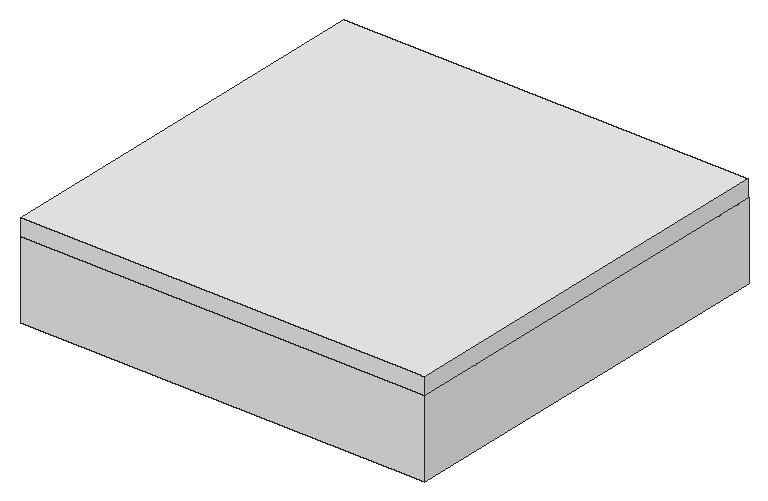
Revit family
Parameters (values of type "600 x 600mm (2 Lamps)")
  Wattage = 16.1571 W
  built-in parameter 1150110 = 1 (stored number, unit not read)
  built-in parameter 1114217 = 1 (stored number, unit not read)
  built-in parameter 1150109 = 1 (stored number, unit not read)
  built-in parameter 1150134 = 3
  built-in parameter 1150113 = 1 (stored number, unit not read)
  built-in parameter 1150105 = 190.99 (stored number, unit not read)
  built-in parameter 1150115 = 1 (stored number, unit not read)
  Light Source Symbol Size = 609.6 mm
  built-in parameter 1150137 = (empty or 0)
  built-in parameter 1150139 = (empty or 0)
  built-in parameter 1150112 = 1 (stored number, unit not read)
  built-in parameter 1150114 = 1 (stored number, unit not read)
  Keynote = "V"
  Material Diffuser = Metal - Chrome
  Lamp = "T-12"
  Material Light Box = Metal - Chrome
  Lumens = 2400 lm
  Wattage Comments = "(2)20"
  built-in parameter 1150132 = 2
  built-in parameter 1150102 = (empty or 0)
  built-in parameter 1150107 = 3200 (stored number, unit not read)
  built-in parameter 1150138 = (empty or 0)
  built-in parameter 1150106 = 1.9099 (stored number, unit not read)
  Emit from Line Length = 549.2 mm
  built-in parameter 1150104 = 13.8 (stored number, unit not read)
  Dimming Lamp Color Temperature Shift = (empty or 0)
  Color Filter = 16777215
  built-in parameter 1114218 = 1 (stored number, unit not read)
  built-in parameter 1150133 = 10 (stored number, unit not read)
Types (3, lengths in mm): name | Wattage Comments
  (no name) | "(2)20"
  600 x 600mm (2 Lamps) | "(2)20"
  600 x 600mm (4 Lamps) | "(4)20"
Reference planes
  plane 1 "Light Source Axis": y = -54.666
  plane 2 "Ceiling": z = 2438.4
  plane 3 "Light Source Axis": x = -23.504
  plane 4 "Light Source Elevation": z = 2413
  plane 5: x = -323.504
  plane 6: x = 276.496
  plane 7: y = 245.334
  plane 8: y = -354.666
  plane 9: y = 32.609
  plane 10: y = -151.541
  plane 11: y = 216.759
  plane 12: y = -335.691
  plane 13: x = -294.929
  plane 14: x = 257.521
  plane 15: x = -110.779
  plane 16: x = 73.371
  plane 17: y = 32.609
  plane 18: y = -151.541
  plane 19: y = 216.759
  plane 20: y = -335.691
  plane 21: x = -294.929
  plane 22: x = 257.521
  plane 23: x = -110.779
  plane 24: x = 73.371
Forms (mm)
  Extrusion 1, solid, material "Metal - Chrome" <- "Material Light Box"
    sketch origin (0, 0, 2438.4) x (1, 0, 0) y (0, 1, 0)
      loop
        line (-323.504, 245.334) -> (-323.504, -354.666) -> (276.496, -354.666) -> (276.496, 245.334) -> (-323.504, 245.334)
      loop
        line (-298.104, 219.934) -> (-298.104, -329.266) -> (251.096, -329.266) -> (251.096, 219.934) -> (-298.104, 219.934)
    from 0 to 114.3
  Extrusion 2, solid, material "Metal - Chrome" <- "Material Light Box"
    sketch origin (0, 0, 2438.4) x (1, 0, 0) y (0, 1, 0)
      loop
        line (-323.504, 245.334) -> (-323.504, -354.666) -> (276.496, -354.666) -> (276.496, 245.334) -> (-323.504, 245.334)
    from 114.3 to 139.7
  Extrusion 3, solid, material "Metal - Chrome" <- "Material Diffuser"
    sketch origin (0, 0, 2438.4) x (1, 0, 0) y (0, 1, 0)
      loop
        line (-298.104, 219.934) -> (-298.104, -338.866) -> (260.696, -338.866) -> (260.696, 219.934) -> (-298.104, 219.934)
      loop
        line (-291.754, 35.784) -> (-113.954, 35.784) -> (-113.954, 213.584) -> (-291.754, 213.584) -> (-291.754, 35.784)
      loop
        line (-291.754, -148.366) -> (-113.954, -148.366) -> (-113.954, 29.434) -> (-291.754, 29.434) -> (-291.754, -148.366)
      loop
        line (-291.754, -154.716) -> (-291.754, -332.516) -> (-113.954, -332.516) -> (-113.954, -154.716) -> (-291.754, -154.716)
      loop
        line (-107.604, 35.784) -> (70.196, 35.784) -> (70.196, 213.584) -> (-107.604, 213.584) -> (-107.604, 35.784)
      loop
        line (-107.604, -148.366) -> (70.196, -148.366) -> (70.196, 29.434) -> (-107.604, 29.434) -> (-107.604, -148.366)
      loop
        line (-107.604, -154.716) -> (-107.604, -332.516) -> (70.196, -332.516) -> (70.196, -154.716) -> (-107.604, -154.716)
      loop
        line (76.546, 35.784) -> (254.346, 35.784) -> (254.346, 213.584) -> (76.546, 213.584) -> (76.546, 35.784)
      loop
        line (76.546, -148.366) -> (254.346, -148.366) -> (254.346, 29.434) -> (76.546, 29.434) -> (76.546, -148.366)
      loop
        line (76.546, -154.716) -> (76.546, -332.516) -> (254.346, -332.516) -> (254.346, -154.716) -> (76.546, -154.716)
    from 3.175 to 50.8
  Extrusion 4, solid, material "Glass - White, High Luminance"
    sketch origin (0, 0, 2438.4) x (1, 0, 0) y (0, 1, 0)
      loop
        line (-298.104, 219.934) -> (-298.104, -329.266) -> (251.096, -329.266) -> (251.096, 219.934) -> (-298.104, 219.934)
    from 76.2 to 82.55
  Extrusion 5, solid
    sketch origin (0, 0, 2438.4) x (1, 0, 0) y (0, 1, 0)
      loop
        line (-298.104, 219.934) -> (-298.104, -338.866) -> (260.696, -338.866) -> (260.696, 219.934) -> (-298.104, 219.934)
      loop
        line (-291.754, 35.784) -> (-113.954, 35.784) -> (-113.954, 213.584) -> (-291.754, 213.584) -> (-291.754, 35.784)
      loop
        line (-291.754, -148.366) -> (-113.954, -148.366) -> (-113.954, 29.434) -> (-291.754, 29.434) -> (-291.754, -148.366)
      loop
        line (-291.754, -154.716) -> (-291.754, -332.516) -> (-113.954, -332.516) -> (-113.954, -154.716) -> (-291.754, -154.716)
      loop
        line (-107.604, 35.784) -> (70.196, 35.784) -> (70.196, 213.584) -> (-107.604, 213.584) -> (-107.604, 35.784)
      loop
        line (-107.604, -148.366) -> (70.196, -148.366) -> (70.196, 29.434) -> (-107.604, 29.434) -> (-107.604, -148.366)
      loop
        line (-107.604, -154.716) -> (-107.604, -332.516) -> (70.196, -332.516) -> (70.196, -154.716) -> (-107.604, -154.716)
      loop
        line (76.546, 35.784) -> (254.346, 35.784) -> (254.346, 213.584) -> (76.546, 213.584) -> (76.546, 35.784)
      loop
        line (76.546, -148.366) -> (254.346, -148.366) -> (254.346, 29.434) -> (76.546, 29.434) -> (76.546, -148.366)
      loop
        line (76.546, -154.716) -> (76.546, -332.516) -> (254.346, -332.516) -> (254.346, -154.716) -> (76.546, -154.716)
    from 0 to 3.175
Lines and regions (mm)
  Opening 1
    outline origin (0, 0, 2438.4) x (1, 0, 0) y (0, 1, 0)
      loop
        line (-323.504, 245.334) -> (-323.504, -354.666) -> (276.496, -354.666) -> (276.496, 245.334) -> (-323.504, 245.334)
  sketch lines
    curve 1: line (-1547.504, 1469.334, 0) -> (1500.496, 1469.334, 0)
    curve 2: line (-1547.504, 1469.334, 0) -> (-1547.504, -1578.666, 0)
    curve 3: line (-1547.504, -1578.666, 0) -> (1500.496, -1578.666, 0)
    curve 4: line (1500.496, 1469.334, 0) -> (1500.496, -1578.666, 0)
  model lines
    curve 5: arc (159.376, -54.666, 2438.4) -> (-23.504, 128.214, 2438.4) -> (-206.384, -54.666, 2438.4) r 182.88
    curve 6: arc (-206.384, -54.666, 2438.4) -> (-23.504, -237.546, 2438.4) -> (159.376, -54.666, 2438.4) r 182.88
    curve 7: line (-298.104, -329.266, 2438.4) -> (-152.819, -183.982, 2438.4)
    curve 8: line (-152.819, 74.65, 2438.4) -> (-298.104, 219.934, 2438.4)
    curve 9: line (251.096, 219.934, 2438.4) -> (105.812, 74.65, 2438.4)
    curve 10: line (105.812, -183.982, 2438.4) -> (251.096, -329.266, 2438.4)
    curve 11: line (-298.104, 219.934, 2438.4) -> (251.096, 219.934, 2438.4)
    curve 12: line (-298.104, -329.266, 2438.4) -> (-298.104, 219.934, 2438.4)
    curve 13: line (251.096, -329.266, 2438.4) -> (-298.104, -329.266, 2438.4)
    curve 14: line (251.096, 219.934, 2438.4) -> (251.096, -329.266, 2438.4)
Dimensions and locks
  equal spacing: curve 2, plane 3 "Light Source Axis", curve 4
  equal spacing: curve 3, plane 1 "Light Source Axis", curve 1
  curve 2 to curve 4 = 3048 mm
  curve 3 to curve 1 = 3048 mm
  equal spacing: plane 5, plane 3 "Light Source Axis", plane 6
  equal spacing: plane 8, plane 1 "Light Source Axis", plane 7
  plane 5 to plane 6 = 600 mm
  plane 8 to plane 7 = 600 mm
  locked: Extrusion 1 sketch curve to Extrusion 1 sketch curve at 25.4
  equal spacing: plane 11, plane 9, plane 10, plane 12
  locked: curve 6 to curve 6 at 365.76
  equal spacing: plane 19, plane 17, plane 18, plane 20
  aligned and locked: curve 9 to curve 7
  aligned and locked: curve 8 to curve 10
  aligned and locked: plane 3 "Light Source Axis" to imposter light
  aligned and locked: plane 1 "Light Source Axis" to imposter light
  aligned and locked: plane 4 "Light Source Elevation" to imposter light
Automatic sketch dimensions
  Opening 1 sketch curve to plane 5 = 0 mm
  Opening 1 sketch curve to plane 6 = 0 mm
  Opening 1 sketch curve to plane 8 = 0 mm
  Opening 1 sketch curve to plane 7 = 0 mm
  Extrusion 1 sketch curve to plane 5 = 0 mm
  Extrusion 1 sketch curve to plane 6 = 0 mm
  Extrusion 1 sketch curve to plane 8 = 0 mm
  Extrusion 1 sketch curve to plane 7 = 0 mm
  Extrusion 1 sketch curve to plane 5 = 25.4 mm
  plane 6 to Extrusion 1 sketch curve = 25.4 mm
  Extrusion 1 sketch curve to plane 8 = 25.4 mm
  Extrusion 2 sketch curve to plane 5 = 0 mm
  Extrusion 2 sketch curve to plane 6 = 0 mm
  Extrusion 2 sketch curve to plane 8 = 0 mm
  Extrusion 2 sketch curve to plane 7 = 0 mm
  Extrusion 4 sketch curve to plane 5 = 25.4 mm
  plane 6 to Extrusion 4 sketch curve = 25.4 mm
  Extrusion 4 sketch curve to plane 8 = 25.4 mm
  plane 7 to Extrusion 4 sketch curve = 25.4 mm
  plane 13 to Extrusion 3 sketch curve = 3.175 mm
  Extrusion 3 sketch curve to plane 13 = 3.175 mm  (x3)
  plane 15 to Extrusion 3 sketch curve = 3.175 mm  (x3)
  Extrusion 3 sketch curve to plane 15 = 3.175 mm  (x3)
  plane 16 to Extrusion 3 sketch curve = 3.175 mm  (x3)
  Extrusion 3 sketch curve to plane 16 = 3.175 mm  (x3)
  plane 14 to Extrusion 3 sketch curve = 3.175 mm  (x3)
  Extrusion 3 sketch curve to plane 14 = 3.175 mm
  Extrusion 3 sketch curve to plane 12 = 3.175 mm
  plane 12 to Extrusion 3 sketch curve = 3.175 mm  (x3)
  plane 10 to Extrusion 3 sketch curve = 3.175 mm  (x3)
  Extrusion 3 sketch curve to plane 10 = 3.175 mm  (x3)
  plane 9 to Extrusion 3 sketch curve = 3.175 mm  (x3)
  Extrusion 3 sketch curve to plane 9 = 3.175 mm  (x3)
  Extrusion 3 sketch curve to plane 11 = 3.175 mm  (x3)
  plane 11 to Extrusion 3 sketch curve = 3.175 mm
  plane 21 to Extrusion 5 sketch curve = 3.175 mm
  Extrusion 5 sketch curve to plane 21 = 3.175 mm  (x3)
  plane 23 to Extrusion 5 sketch curve = 3.175 mm  (x3)
  Extrusion 5 sketch curve to plane 23 = 3.175 mm  (x3)
  plane 24 to Extrusion 5 sketch curve = 3.175 mm  (x3)
  Extrusion 5 sketch curve to plane 24 = 3.175 mm  (x3)
  plane 22 to Extrusion 5 sketch curve = 3.175 mm  (x3)
  Extrusion 5 sketch curve to plane 22 = 3.175 mm
  Extrusion 5 sketch curve to plane 20 = 3.175 mm
  plane 20 to Extrusion 5 sketch curve = 3.175 mm  (x3)
  plane 18 to Extrusion 5 sketch curve = 3.175 mm  (x3)
  Extrusion 5 sketch curve to plane 18 = 3.175 mm  (x3)
  plane 17 to Extrusion 5 sketch curve = 3.175 mm  (x3)
  Extrusion 5 sketch curve to plane 17 = 3.175 mm  (x3)
  Extrusion 5 sketch curve to plane 19 = 3.175 mm  (x3)
  plane 19 to Extrusion 5 sketch curve = 3.175 mm
  curve 6 to plane 1 "Light Source Axis" = 0 mm
  curve 6 to plane 3 "Light Source Axis" = 0 mm
  curve 12 to plane 5 = 25.4 mm
  curve 8 to curve 11 = 0 mm
  curve 7 to curve 12 = 0 mm
  plane 1 "Light Source Axis" to curve 7 = 129.316 mm
  curve 8 to plane 1 "Light Source Axis" = 129.316 mm
  plane 1 "Light Source Axis" to curve 10 = 129.316 mm
  curve 9 to plane 1 "Light Source Axis" = 129.316 mm
  plane 6 to curve 10 = 25.4 mm
  curve 13 to curve 10 = 0 mm  (x2)
  curve 9 to curve 11 = 0 mm
  curve 12 to curve 8 = 0 mm
